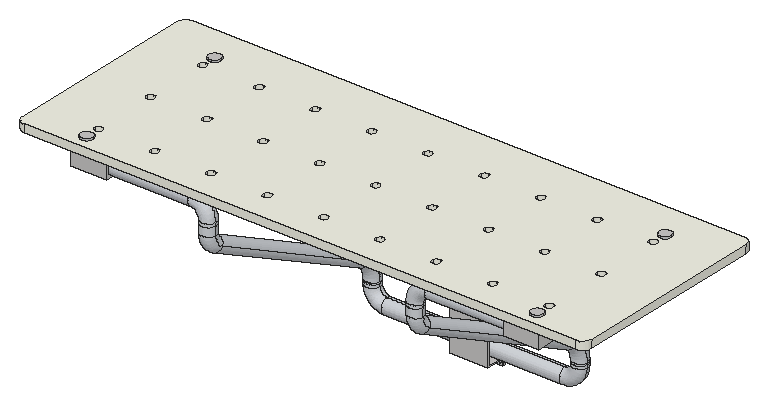
Revit family "rba-bim-b819687", category Generic Models, Revit 2015
Parameters (values of type "B819687")
  Watermarked By = "www.rba.com.au"
  URL = "http://www.rba.com.au/catalogue/category/backrests-and-shower-seats"
  Phone Number = "1300 788 778"
  Offset = 475 mm
  Modified Issue = "20160802.01"
  Model = "B819687"
  Manufacturer = "Bobrick"
  Seat Material = Satin Stainless Steel Finish
  Description = "Phenolic Folding Shower Seat"
  Copyrighted by = "RBA Group"  # constant formula
  Accessible Compliant = "AS1428.1-2009 Compliant"
Reference planes
  plane 1 "Center (Front/Back)": y = 0
  plane 2: z = 0
  plane 3 "Center (Left/Right)": x = 0
  plane 4: z = 475
Dimensions and locks
  "Offset": plane 4 to level
  equal spacing: nested 1, plane 3 "Center (Left/Right)", nested 1
  aligned and locked: level to plane 2
  aligned and locked: plane 1 "Center (Front/Back)" to nested 1
  aligned and locked: plane 4 to nested 1
Nested families
  nested 1: "rba-bim-b819687" at (0, 0, 5), type "B819687"
Definition of nested family "rba-bim-b819687"
  Parameters (values of type "B819687")
    URL = "http://www.rba.com.au/accessible-disabled/backrests-amp-shower-seats"
    Specifier = "RBA Group"
    Seat Material = none
    Phone Number = "1300 788 778"
    Model = "B819687"
    Manufacturer = "Bobrick"
    Frame Material = none
    Description = "Phenolic Folding Shower Seat"
    Copyrighted By = "RBA Group"  # constant formula
  Reference planes
    plane 1 "Center (Front/Back)": y = 0
    plane 2: z = 0
    plane 3 "Center (Left/Right)": x = 0
    plane 4 "Seat Left Side": x = -480
    plane 5 "Seat Right Side": x = 480
    plane 6 "BTM CL Frame Mount": z = 115
    plane 7 "Top CL Frame Mount": z = 300
    plane 8: x = -247.5
    plane 9: x = 247.5
    plane 10 "Centre Fixing": y = -365
    plane 11: z = 143.363
    plane 12: x = 175
    plane 13: z = 143.363
    plane 14: x = -172.5
    plane 15: y = -18.476
    plane 16: z = 355
    plane 17: z = 470
    plane 18: y = -390
    plane 19: y = -35
    plane 20: x = -27.5
    plane 21: x = 27.5
  Forms (mm)
    Extrusion 1, solid, material <- "Frame Material"
      sketch origin (0, 0, 0) x (1, 0, 0) y (0, 0, 1)
        loop
          line (0, 110) -> (32.5, 110) -> (32.5, 305) -> (0, 305) -> (-32.5, 305) -> (-32.5, 110) -> (0, 110)
      from 0 to 2
    Sweep 2, solid, material <- "Frame Material"
      path in 3D
        loop
          line (-32.5, -2, 110) -> (0, -2, 110) -> (32.5, -2, 110)
      profile origin (-16.25, -2, 110) x (0, -1, 0) y (0, 0, -1)
        loop
          line (0, 0) -> (0, -12) -> (29.958, -12) -> (29.958, -183) -> (27.998, -183) -> (0, -183) -> (0, -185) -> (0, -195) -> (2, -195) -> (2, -185) -> (32, -185) -> (32, -10) -> (2, -10) -> (2, 0) -> (0, 0)
    Extrusion 3, solid
      sketch origin (0, 0, 0) x (1, 0, 0) y (0, 0, 1)
        loop
          circle (-27.5, 300) r 2.48
      from 6 to 4
    Extrusion 4, solid
      sketch origin (0, 0, 0) x (1, 0, 0) y (0, 0, 1)
        loop
          circle (27.5, 300) r 2.5
        loop
          circle (-27.5, 115) r 2.5
        loop
          circle (27.5, 115) r 2.5
      from 6 to 4
    Extrusion 5, solid, material <- "Frame Material", not visible
      sketch origin (0, 0, 0) x (1, 0, 0) y (0, 0, 1)
        loop
          line (0, 110) -> (32.5, 110) -> (32.5, 305) -> (0, 305) -> (-32.5, 305) -> (-32.5, 110) -> (0, 110)
      from 0 to 2
    Sweep 6, solid, material <- "Frame Material", not visible
      path in 3D
        loop
          line (-32.5, -2, 110) -> (0, -2, 110) -> (32.5, -2, 110)
      profile origin (-16.25, -2, 110) x (0, -1, 0) y (0, 0, -1)
        loop
          line (0, 0) -> (0, -12) -> (29.958, -12) -> (29.958, -183) -> (27.998, -183) -> (0, -183) -> (0, -185) -> (0, -195) -> (2, -195) -> (2, -185) -> (32, -185) -> (32, -10) -> (2, -10) -> (2, 0) -> (0, 0)
    Extrusion 7, solid, not visible
      sketch origin (0, 0, 0) x (1, 0, 0) y (0, 0, 1)
        loop
          circle (-27.5, 300) r 2.48
      from 6 to 4
    Extrusion 8, solid, not visible
      sketch origin (0, 0, 0) x (1, 0, 0) y (0, 0, 1)
        loop
          circle (27.5, 300) r 2.5
        loop
          circle (-27.5, 115) r 2.5
        loop
          circle (27.5, 115) r 2.5
      from 6 to 4
    Extrusion 9, solid, material <- "Frame Material"
      sketch origin (0, 0, 27.5) x (1, 0, 0) y (0, 0, 1)
        loop
          circle (-247.5, 327.5) r 37.5
      from 0 to 4
    Extrusion 10, solid
      sketch origin (0, 0, 27.5) x (1, 0, 0) y (0, 0, 1)
        loop
          circle (-266.945, 346.945) r 2.5
        loop
          circle (-228.055, 346.945) r 2.5
        loop
          circle (-247.5, 300) r 2.5
      from 6 to 4
    Extrusion 11, solid, material <- "Frame Material"
      sketch origin (0, 0, 27.5) x (1, 0, 0) y (0, 0, 1)
        loop
          circle (247.5, 327.5) r 37.5
      from 0 to 4
    Extrusion 12, solid
      sketch origin (495, 0, 27.5) x (1, 0, 0) y (0, 0, 1)
        loop
          circle (-266.945, 346.945) r 2.5
        loop
          circle (-228.055, 346.945) r 2.5
        loop
          circle (-247.5, 300) r 2.5
      from 6 to 4
    Extrusion 13, solid, material <- "Frame Material", not visible
      sketch origin (0, 0, 27.5) x (1, 0, 0) y (0, 0, 1)
        loop
          circle (-247.5, 327.5) r 37.5
      from 0 to 4
    Extrusion 14, solid, not visible
      sketch origin (0, 0, 27.5) x (1, 0, 0) y (0, 0, 1)
        loop
          circle (-266.945, 346.945) r 2.5
        loop
          circle (-228.055, 346.945) r 2.5
        loop
          circle (-247.5, 300) r 2.5
      from 6 to 4
    Extrusion 15, solid, material <- "Frame Material", not visible
      sketch origin (0, 0, 27.5) x (1, 0, 0) y (0, 0, 1)
        loop
          circle (247.5, 327.5) r 37.5
      from 0 to 4
    Extrusion 16, solid, not visible
      sketch origin (495, 0, 27.5) x (1, 0, 0) y (0, 0, 1)
        loop
          circle (-266.945, 346.945) r 2.5
        loop
          circle (-228.055, 346.945) r 2.5
        loop
          circle (-247.5, 300) r 2.5
      from 6 to 4
    Extrusion 17, solid, material <- "Seat Material"
      sketch origin (0, 0, 0) x (1, 0, 0) y (0, 1, 0)
        loop
          line (-480, -50) -> (-480, -375)
          arc (-480, -375) -> (-475.607, -385.607) -> (-465, -390) r 15
          line (-465, -390) -> (465, -390)
          arc (465, -390) -> (475.607, -385.607) -> (480, -375) r 15
          line (480, -375) -> (480, -50)
          arc (480, -50) -> (475.607, -39.393) -> (465, -35) r 15
          line (465, -35) -> (-465, -35)
          arc (-465, -35) -> (-475.607, -39.393) -> (-480, -50) r 15
      from 457 to 470
    Extrusion 18, solid
      sketch origin (0, 0, 0) x (1, 0, 0) y (0, 1, 0)
        loop
          circle (-380, -95) r 10
      from 470 to 472
    Extrusion 19, solid
      sketch origin (760, 0, 0) x (1, 0, 0) y (0, 1, 0)
        loop
          circle (-380, -95) r 10
      from 470 to 472
    Extrusion 20, solid
      sketch origin (0, -270, 0) x (1, 0, 0) y (0, 1, 0)
        loop
          circle (-380, -95) r 10
      from 470 to 472
    Extrusion 21, solid
      sketch origin (760, -270, 0) x (1, 0, 0) y (0, 1, 0)
        loop
          circle (-380, -95) r 10
      from 470 to 472
    Extrusion 22, void
      sketch origin (0, 0, 0) x (1, 0, 0) y (0, 1, 0)
        loop
          circle (-380, -120) r 7
        loop
          circle (-380, -230) r 7
        loop
          circle (-380, -340) r 7
      from 457 to 470
    Extrusion 23, void
      sketch origin (95, 0, 0) x (1, 0, 0) y (0, 1, 0)
        loop
          circle (-380, -120) r 7
        loop
          circle (-380, -230) r 7
        loop
          circle (-380, -340) r 7
      from 457 to 470
    Extrusion 24, void
      sketch origin (190, 0, 0) x (1, 0, 0) y (0, 1, 0)
        loop
          circle (-380, -120) r 7
        loop
          circle (-380, -230) r 7
        loop
          circle (-380, -340) r 7
      from 457 to 470
    Extrusion 25, void
      sketch origin (285, 0, 0) x (1, 0, 0) y (0, 1, 0)
        loop
          circle (-380, -120) r 7
        loop
          circle (-380, -230) r 7
        loop
          circle (-380, -340) r 7
      from 457 to 470
    Extrusion 26, void
      sketch origin (380, 0, 0) x (1, 0, 0) y (0, 1, 0)
        loop
          circle (-380, -120) r 7
        loop
          circle (-380, -230) r 7
        loop
          circle (-380, -340) r 7
      from 457 to 470
    Extrusion 27, void
      sketch origin (475, 0, 0) x (1, 0, 0) y (0, 1, 0)
        loop
          circle (-380, -120) r 7
        loop
          circle (-380, -230) r 7
        loop
          circle (-380, -340) r 7
      from 457 to 470
    Extrusion 28, void
      sketch origin (570, 0, 0) x (1, 0, 0) y (0, 1, 0)
        loop
          circle (-380, -120) r 7
        loop
          circle (-380, -230) r 7
        loop
          circle (-380, -340) r 7
      from 457 to 470
    Extrusion 29, void
      sketch origin (665, 0, 0) x (1, 0, 0) y (0, 1, 0)
        loop
          circle (-380, -120) r 7
        loop
          circle (-380, -230) r 7
        loop
          circle (-380, -340) r 7
      from 457 to 470
    Extrusion 30, void
      sketch origin (760, 0, 0) x (1, 0, 0) y (0, 1, 0)
        loop
          circle (-380, -120) r 7
        loop
          circle (-380, -230) r 7
        loop
          circle (-380, -340) r 7
      from 457 to 470
    Sweep 31, solid
      path origin (0, 0, 0) x (0, 1, 0) y (0, 0, 1)
        loop
          line (-4, 355) -> (-50, 355)
          arc (-50, 355) -> (-81.82, 368.18) -> (-95, 400) r 45
          line (-95, 400) -> (-95, 442)
      profile origin (0, -27, 355) x (0, 0, -1) y (1, 0, 0)
        loop
          circle (0, -247.782) r 12.5
    Extrusion 32, solid
      sketch origin (0, 0, 0) x (1, 0, 0) y (0, 1, 0)
        loop
          line (335, -110) -> (395, -110) -> (395, -80) -> (335, -80) -> (335, -110)
      from 427 to 457
    Extrusion 33, solid, material <- "Frame Material"
      sketch origin (730, -460, 0) x (-1, 0, 0) y (0, -1, 0)
        loop
          line (335, -110) -> (395, -110) -> (395, -80) -> (335, -80) -> (335, -110)
      from 427 to 457
    Extrusion 34, solid, material <- "Frame Material"
      sketch origin (0, -460, 0) x (-1, 0, 0) y (0, -1, 0)
        loop
          line (335, -110) -> (395, -110) -> (395, -80) -> (335, -80) -> (335, -110)
      from 427 to 457
    Extrusion 35, solid
      sketch origin (0, -190, 0) x (-1, 0, 0) y (0, -1, 0)
        loop
          line (335, -110) -> (395, -110) -> (395, -80) -> (335, -80) -> (335, -110)
      from 427 to 457
    Sweep 36, solid
      path origin (0, 0, 0) x (1, 0, 0) y (0, 0, 1)
        loop
          line (-335, 442) -> (335, 442)
      profile origin (0, 0, 442) x (0, 0, 1) y (0, -1, 0)
        loop
          circle (0, 95) r 12.5
    Sweep 37, solid
      path origin (495, 0, 0) x (0, 1, 0) y (0, 0, 1)
        loop
          line (-4, 355) -> (-50, 355)
          arc (-50, 355) -> (-81.82, 368.18) -> (-95, 400) r 45
          line (-95, 400) -> (-95, 442)
      profile origin (495, -27, 355) x (0, 0, -1) y (1, 0, 0)
        loop
          circle (0, -247.782) r 12.5
    Sweep 38, solid
      path origin (0, 0, 0) x (1, 0, 0) y (0, 0, 1)
        loop
          line (335, 442) -> (200, 442)
          arc (200, 442) -> (182.322, 434.678) -> (175, 417) r 25
          line (175, 417) -> (175, 412)
      profile origin (267.5, 0, 442) x (0, 0, -1) y (0, -1, 0)
        loop
          circle (0, 365) r 12.5
    Sweep 39, solid
      path origin (0, 0, 0) x (-1, 0, 0) y (0, 0, 1)
        loop
          line (335, 442) -> (200, 442)
          arc (200, 442) -> (182.322, 434.678) -> (175, 417) r 25
          line (175, 417) -> (175, 412)
      profile origin (-267.5, 0, 442) x (0, 0, 1) y (0, -1, 0)
        loop
          circle (0, 365) r 12.5
    Sweep 40, solid
      path origin (0, 0, 0) x (1, 0, 0) y (0, 0, 1)
        loop
          line (-175, 173.363) -> (-175, 168.363)
          arc (-175, 168.363) -> (-167.678, 150.686) -> (-150, 143.363) r 25
          line (-150, 143.363) -> (150, 143.363)
          arc (150, 143.363) -> (167.678, 150.686) -> (175, 168.363) r 25
          line (175, 168.363) -> (175, 173.363)
      profile origin (0, 0, 143.363) x (0, 0, 1) y (0, -1, 0)
        loop
          circle (0, 18.476) r 12.5
    Sweep 41, solid
      path origin (175, 0, 0) x (0, 1, 0) y (0, 0, 1)
        loop
          line (-365, 412) -> (-365, 397.239)
          arc (-365, 397.239) -> (-361.347, 384.227) -> (-351.455, 375.018) r 25
          line (-351.455, 375.018) -> (-42.857, 215.932)
          arc (-42.857, 215.932) -> (-25.052, 199.355) -> (-18.476, 175.934) r 45
          line (-18.476, 175.934) -> (-18.476, 173.363)
      profile origin (175, -365, 404.619) x (1, 0, 0) y (0, 1, 0)
        loop
          circle (0, 0) r 12.5
    Sweep 42, solid
      path origin (-175, 0, 0) x (0, 1, 0) y (0, 0, -1)
        loop
          line (-365, -412) -> (-365, -397.239)
          arc (-365, -397.239) -> (-361.347, -384.227) -> (-351.455, -375.018) r 25
          line (-351.455, -375.018) -> (-42.857, -215.932)
          arc (-42.857, -215.932) -> (-25.052, -199.355) -> (-18.476, -175.934) r 45
          line (-18.476, -175.934) -> (-18.476, -173.363)
      profile origin (-175, -365, 404.619) x (-1, 0, 0) y (0, -1, 0)
        loop
          circle (0, 0) r 12.5
  Cuts and joins
    Extrusion 22, Extrusion 23, Extrusion 24, Extrusion 25, Extrusion 26, Extrusion 27, Extrusion 28, Extrusion 29, Extrusion 30 cuts Extrusion 17
  Lines and regions (mm)
    sketch lines
      curve 1: line (-32.5, -2, 110) -> (0, -2, 110)
      curve 2: line (0, -2, 110) -> (32.5, -2, 110)
    sketch lines, not visible
      curve 3: line (-32.5, -2, 110) -> (0, -2, 110)
      curve 4: line (0, -2, 110) -> (32.5, -2, 110)
  Dimensions and locks
    plane 4 "Seat Left Side" to plane 3 "Center (Left/Right)" = 480 mm
    plane 5 "Seat Right Side" to plane 3 "Center (Left/Right)" = 480 mm
    equal spacing: plane 9, plane 3 "Center (Left/Right)", plane 8
    locked: plane 7 "Top CL Frame Mount" to plane 6 "BTM CL Frame Mount" at 185
    locked: plane 9 to plane 8 at 495
    plane 4 "Seat Left Side" to plane 5 "Seat Right Side" = 960 mm
    plane 3 "Center (Left/Right)" to plane 8 = 247.5 mm
    plane 5 "Seat Right Side" to plane 4 "Seat Left Side" = 960 mm
    plane 16 to plane 6 "BTM CL Frame Mount" = 240 mm
    plane 17 to plane 16 = 115 mm
    plane 17 to level = 470 mm
    plane 18 to plane 1 "Center (Front/Back)" = 390 mm  (x2)
    plane 18 to plane 19 = 355 mm
    plane 20 to plane 21 = 55 mm
    aligned and locked: level to plane 2
    aligned and locked: Extrusion 4 to Sweep 2
  Automatic sketch dimensions
    Extrusion 1 sketch curve to Extrusion 1 sketch curve = 32.5 mm  (x3)
    Extrusion 1 sketch curve to Extrusion 1 sketch curve = 195 mm
    Sweep 2 sketch curve to profile plane = 0 mm  (x2)
    profile plane to Sweep 2 sketch curve = 0 mm
    Sweep 2 sketch curve to profile plane = 2 mm  (x2)
    Sweep 2 sketch curve to Sweep 2 sketch curve = 25.998 mm
    Sweep 2 sketch curve to profile plane = 12 mm
    Sweep 2 sketch curve to Sweep 2 sketch curve = 27.958 mm
    Sweep 2 sketch curve to Sweep 2 sketch curve = 2.042 mm
    Sweep 2 sketch curve to Sweep 2 sketch curve = 171 mm
    Sweep 2 sketch curve to Sweep 2 sketch curve = 2 mm  (x2)
    Sweep 2 sketch curve to Sweep 2 sketch curve = 0 mm
    Sweep 2 sketch curve to Sweep 2 sketch curve = 10 mm
    Extrusion 4 sketch curve to Extrusion 4 sketch curve = 55 mm
    Extrusion 4 sketch curve to Extrusion 4 sketch curve = 0 mm  (x2)
    Extrusion 4 sketch curve to Extrusion 4 sketch curve = 185 mm
    Extrusion 10 sketch curve to Extrusion 10 sketch curve = 19.445 mm
    Extrusion 10 sketch curve to Extrusion 10 sketch curve = 38.891 mm
    Extrusion 10 sketch curve to Extrusion 10 sketch curve = 46.945 mm
    Extrusion 10 sketch curve to Extrusion 10 sketch curve = 0 mm
    Extrusion 12 sketch curve to Extrusion 12 sketch curve = 19.445 mm
    Extrusion 12 sketch curve to Extrusion 12 sketch curve = 38.891 mm
    Extrusion 12 sketch curve to Extrusion 12 sketch curve = 46.945 mm
    Extrusion 12 sketch curve to Extrusion 12 sketch curve = 0 mm
    Extrusion 14 sketch curve to Extrusion 14 sketch curve = 19.445 mm
    Extrusion 14 sketch curve to Extrusion 14 sketch curve = 38.891 mm
    Extrusion 14 sketch curve to Extrusion 14 sketch curve = 46.945 mm
    Extrusion 14 sketch curve to Extrusion 14 sketch curve = 0 mm
    Extrusion 16 sketch curve to Extrusion 16 sketch curve = 19.445 mm
    Extrusion 16 sketch curve to Extrusion 16 sketch curve = 38.891 mm
    Extrusion 16 sketch curve to Extrusion 16 sketch curve = 46.945 mm
    Extrusion 16 sketch curve to Extrusion 16 sketch curve = 0 mm
    Extrusion 17 sketch curve to plane 4 "Seat Left Side" = 0 mm
    Extrusion 17 sketch curve to plane 5 "Seat Right Side" = 0 mm
    plane 4 "Seat Left Side" to Extrusion 17 sketch curve = 15 mm  (x2)
    Extrusion 17 sketch curve to plane 5 "Seat Right Side" = 15 mm  (x2)
    Extrusion 17 sketch curve to plane 10 "Centre Fixing" = 25 mm
    plane 15 to Extrusion 17 sketch curve = 31.524 mm
    plane 4 "Seat Left Side" to Extrusion 18 sketch curve = 100 mm
    plane 15 to Extrusion 18 sketch curve = 76.524 mm
    Extrusion 19 sketch curve to plane 5 "Seat Right Side" = 100 mm
    plane 15 to Extrusion 19 sketch curve = 76.524 mm
    Extrusion 20 sketch curve to plane 10 "Centre Fixing" = 0 mm
    plane 4 "Seat Left Side" to Extrusion 20 sketch curve = 100 mm
    Extrusion 21 sketch curve to plane 10 "Centre Fixing" = 0 mm
    Extrusion 21 sketch curve to plane 5 "Seat Right Side" = 100 mm
    plane 4 "Seat Left Side" to Extrusion 22 sketch curve = 100 mm  (x3)
    plane 10 "Centre Fixing" to Extrusion 22 sketch curve = 25 mm
    Extrusion 22 sketch curve to Extrusion 22 sketch curve = 110 mm
    plane 15 to Extrusion 22 sketch curve = 101.524 mm
    Extrusion 23 sketch curve to plane 8 = 37.5 mm  (x3)
    plane 10 "Centre Fixing" to Extrusion 23 sketch curve = 25 mm
    Extrusion 23 sketch curve to Extrusion 23 sketch curve = 110 mm
    plane 15 to Extrusion 23 sketch curve = 101.524 mm
    Extrusion 24 sketch curve to plane 14 = 17.5 mm  (x3)
    plane 10 "Centre Fixing" to Extrusion 24 sketch curve = 25 mm
    Extrusion 24 sketch curve to Extrusion 24 sketch curve = 110 mm
    plane 15 to Extrusion 24 sketch curve = 101.524 mm
    plane 14 to Extrusion 25 sketch curve = 77.5 mm  (x3)
    plane 10 "Centre Fixing" to Extrusion 25 sketch curve = 25 mm
    Extrusion 25 sketch curve to Extrusion 25 sketch curve = 110 mm
    plane 15 to Extrusion 25 sketch curve = 101.524 mm
    Extrusion 26 sketch curve to plane 3 "Center (Left/Right)" = 0 mm  (x3)
    plane 10 "Centre Fixing" to Extrusion 26 sketch curve = 25 mm
    Extrusion 26 sketch curve to Extrusion 26 sketch curve = 110 mm
    plane 15 to Extrusion 26 sketch curve = 101.524 mm
    Extrusion 27 sketch curve to plane 12 = 80 mm  (x3)
    plane 10 "Centre Fixing" to Extrusion 27 sketch curve = 25 mm
    Extrusion 27 sketch curve to Extrusion 27 sketch curve = 110 mm
    plane 15 to Extrusion 27 sketch curve = 101.524 mm
    plane 12 to Extrusion 28 sketch curve = 15 mm  (x3)
    plane 10 "Centre Fixing" to Extrusion 28 sketch curve = 25 mm
    Extrusion 28 sketch curve to Extrusion 28 sketch curve = 110 mm
    plane 15 to Extrusion 28 sketch curve = 101.524 mm
    plane 9 to Extrusion 29 sketch curve = 37.5 mm  (x3)
    plane 10 "Centre Fixing" to Extrusion 29 sketch curve = 25 mm
    Extrusion 29 sketch curve to Extrusion 29 sketch curve = 110 mm
    plane 15 to Extrusion 29 sketch curve = 101.524 mm
    Extrusion 30 sketch curve to plane 5 "Seat Right Side" = 100 mm  (x3)
    plane 10 "Centre Fixing" to Extrusion 30 sketch curve = 25 mm
    Extrusion 30 sketch curve to Extrusion 30 sketch curve = 110 mm
    plane 15 to Extrusion 30 sketch curve = 101.524 mm
    plane 15 to Sweep 31 sketch curve = 76.524 mm
    plane 15 to Sweep 31 sketch curve = 31.524 mm
    plane 1 "Center (Front/Back)" to Sweep 31 sketch curve = 4 mm
    Sweep 31 sketch curve to profile plane = 0 mm
    Sweep 31 sketch curve to plane 3 "Center (Left/Right)" = 247.782 mm
    plane 9 to Extrusion 32 sketch curve = 87.5 mm
    Extrusion 32 sketch curve to Extrusion 32 sketch curve = 60 mm
    plane 15 to Extrusion 32 sketch curve = 91.524 mm
    Extrusion 32 sketch curve to Extrusion 32 sketch curve = 30 mm
    plane 10 "Centre Fixing" to Extrusion 33 sketch curve = 15 mm
    Extrusion 33 sketch curve to plane 5 "Seat Right Side" = 85 mm
    Extrusion 33 sketch curve to plane 10 "Centre Fixing" = 15 mm
    Extrusion 33 sketch curve to Extrusion 33 sketch curve = 60 mm
    plane 10 "Centre Fixing" to Extrusion 34 sketch curve = 15 mm
    Extrusion 34 sketch curve to plane 8 = 87.5 mm
    Extrusion 34 sketch curve to plane 10 "Centre Fixing" = 15 mm
    Extrusion 34 sketch curve to Extrusion 34 sketch curve = 60 mm
    Extrusion 35 sketch curve to plane 8 = 87.5 mm
    Extrusion 35 sketch curve to Extrusion 35 sketch curve = 60 mm
    plane 15 to Extrusion 35 sketch curve = 61.524 mm
    Extrusion 35 sketch curve to Extrusion 35 sketch curve = 30 mm
    Sweep 36 sketch curve to plane 8 = 87.5 mm
    plane 9 to Sweep 36 sketch curve = 87.5 mm
    profile plane to Sweep 36 sketch curve = 0 mm
    plane 1 "Center (Front/Back)" to Sweep 36 sketch curve = 95 mm
    plane 15 to Sweep 37 sketch curve = 76.524 mm
    plane 15 to Sweep 37 sketch curve = 31.524 mm
    plane 1 "Center (Front/Back)" to Sweep 37 sketch curve = 4 mm
    Sweep 37 sketch curve to profile plane = 0 mm
    Sweep 37 sketch curve to profile plane = 247.782 mm
    Sweep 38 sketch curve to plane 12 = 0 mm
    plane 9 to Sweep 38 sketch curve = 87.5 mm
    Sweep 38 sketch curve to Sweep 38 sketch curve = 5 mm
    Sweep 38 sketch curve to profile plane = 0 mm
    plane 1 "Center (Front/Back)" to Sweep 38 sketch curve = 365 mm
    plane 14 to Sweep 39 sketch curve = 2.5 mm
    plane 8 to Sweep 39 sketch curve = 87.5 mm
    Sweep 39 sketch curve to Sweep 39 sketch curve = 5 mm
    profile plane to Sweep 39 sketch curve = 0 mm
    plane 1 "Center (Front/Back)" to Sweep 39 sketch curve = 365 mm
    Sweep 40 sketch curve to plane 14 = 2.5 mm
    Sweep 40 sketch curve to plane 11 = 0 mm
    plane 12 to Sweep 40 sketch curve = 0 mm
    Sweep 40 sketch curve to Sweep 40 sketch curve = 25 mm
    plane 11 to Sweep 40 sketch curve = 25 mm
    Sweep 40 sketch curve to Sweep 40 sketch curve = 5 mm  (x2)
    profile plane to Sweep 40 sketch curve = 0 mm
    plane 1 "Center (Front/Back)" to Sweep 40 sketch curve = 18.476 mm
    Sweep 41 sketch curve to plane 10 "Centre Fixing" = 0 mm
    Sweep 41 sketch curve to plane 15 = 0 mm
    plane 10 "Centre Fixing" to Sweep 41 sketch curve = 13.545 mm
    Sweep 41 sketch curve to Sweep 41 sketch curve = 45 mm
    plane 15 to Sweep 41 sketch curve = 24.381 mm
    plane 11 to Sweep 41 sketch curve = 72.568 mm
    Sweep 41 sketch curve to Sweep 41 sketch curve = 2.57 mm
    Sweep 41 sketch curve to Sweep 41 sketch curve = 14.761 mm
    profile plane to Sweep 41 sketch curve = 0 mm
    Sweep 41 sketch curve to profile plane = 0 mm
    Sweep 42 sketch curve to plane 10 "Centre Fixing" = 0 mm
    Sweep 42 sketch curve to plane 15 = 0 mm
    plane 10 "Centre Fixing" to Sweep 42 sketch curve = 13.545 mm
    Sweep 42 sketch curve to Sweep 42 sketch curve = 45 mm
    plane 15 to Sweep 42 sketch curve = 24.381 mm
    plane 11 to Sweep 42 sketch curve = 72.568 mm
    Sweep 42 sketch curve to Sweep 42 sketch curve = 14.761 mm
    Sweep 42 sketch curve to Sweep 42 sketch curve = 2.57 mm
    Sweep 42 sketch curve to profile plane = 0 mm  (x2)
    Sweep 31 sketch curve to Sweep 31 sketch curve = 42 mm
    Sweep 37 sketch curve to Sweep 37 sketch curve = 42 mm
    plane 12 to Sweep 38 sketch curve = 25 mm
    Sweep 39 sketch curve to Sweep 39 sketch curve = 25 mm
    plane 10 "Centre Fixing" to Sweep 41 sketch curve = 25 mm
    plane 10 "Centre Fixing" to Sweep 42 sketch curve = 25 mm
    plane 7 "Top CL Frame Mount" to Sweep 31 sketch curve = 55 mm
    plane 7 "Top CL Frame Mount" to Sweep 36 sketch curve = 142 mm
    plane 7 "Top CL Frame Mount" to Sweep 37 sketch curve = 55 mm
    plane 7 "Top CL Frame Mount" to Sweep 38 sketch curve = 117 mm
    Sweep 39 sketch curve to plane 7 "Top CL Frame Mount" = 117 mm
    plane 7 "Top CL Frame Mount" to Sweep 41 sketch curve = 75.018 mm
    plane 7 "Top CL Frame Mount" to Sweep 42 sketch curve = 75.018 mm
    Extrusion 5 sketch curve to Extrusion 5 sketch curve = 32.5 mm  (x3)
    Extrusion 5 sketch curve to Extrusion 5 sketch curve = 195 mm
    Sweep 6 sketch curve to profile plane = 0 mm  (x2)
    profile plane to Sweep 6 sketch curve = 0 mm
    Sweep 6 sketch curve to profile plane = 2 mm  (x2)
    Sweep 6 sketch curve to Sweep 6 sketch curve = 25.998 mm
    Sweep 6 sketch curve to profile plane = 12 mm
    Sweep 6 sketch curve to Sweep 6 sketch curve = 27.958 mm
    Sweep 6 sketch curve to Sweep 6 sketch curve = 2.042 mm
    Sweep 6 sketch curve to Sweep 6 sketch curve = 171 mm
    Sweep 6 sketch curve to Sweep 6 sketch curve = 2 mm  (x2)
    Sweep 6 sketch curve to Sweep 6 sketch curve = 0 mm
    Sweep 6 sketch curve to Sweep 6 sketch curve = 10 mm
    Extrusion 8 sketch curve to Extrusion 8 sketch curve = 55 mm
    Extrusion 8 sketch curve to Extrusion 8 sketch curve = 0 mm  (x2)
    Extrusion 8 sketch curve to Extrusion 8 sketch curve = 185 mm
    radius of Extrusion 3 sketch curve = 2.48 mm
    radius of Extrusion 4 sketch curve = 2.5 mm  (x3)
    radius of Extrusion 9 sketch curve = 37.5 mm
    radius of Extrusion 10 sketch curve = 2.5 mm  (x3)
    radius of Extrusion 11 sketch curve = 37.5 mm
    radius of Extrusion 12 sketch curve = 2.5 mm  (x3)
    radius of Extrusion 13 sketch curve = 37.5 mm
    radius of Extrusion 14 sketch curve = 2.5 mm  (x3)
    radius of Extrusion 15 sketch curve = 37.5 mm
    radius of Extrusion 16 sketch curve = 2.5 mm  (x3)
    radius of Extrusion 18 sketch curve = 10 mm
    radius of Extrusion 19 sketch curve = 10 mm
    radius of Extrusion 20 sketch curve = 10 mm
    radius of Extrusion 21 sketch curve = 10 mm
    radius of Extrusion 22 sketch curve = 7 mm  (x3)
    radius of Extrusion 23 sketch curve = 7 mm  (x3)
    radius of Extrusion 24 sketch curve = 7 mm  (x3)
    radius of Extrusion 25 sketch curve = 7 mm  (x3)
    radius of Extrusion 26 sketch curve = 7 mm  (x3)
    radius of Extrusion 27 sketch curve = 7 mm  (x3)
    radius of Extrusion 28 sketch curve = 7 mm  (x3)
    radius of Extrusion 29 sketch curve = 7 mm  (x3)
    radius of Extrusion 30 sketch curve = 7 mm  (x3)
    radius of Sweep 31 sketch curve = 12.5 mm
    radius of Sweep 36 sketch curve = 12.5 mm
    radius of Sweep 37 sketch curve = 12.5 mm
    radius of Sweep 38 sketch curve = 12.5 mm
    radius of Sweep 39 sketch curve = 12.5 mm
    radius of Sweep 40 sketch curve = 12.5 mm
    radius of Sweep 41 sketch curve = 12.5 mm
    radius of Sweep 42 sketch curve = 12.5 mm
    radius of Extrusion 7 sketch curve = 2.48 mm
    radius of Extrusion 8 sketch curve = 2.5 mm  (x3)
  Nested families
    nested 1: "FamilyID" at (0, 0, 0), type "FamilyID"
  Definition of nested family "FamilyID"
    Reference planes
      plane 1: y = 0
      plane 2: x = 0
    Text (mm)
      text "RBA COPYRIGHT" at (0.001, 0.001, 0)
